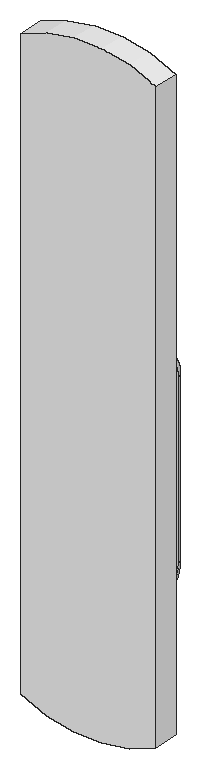
Revit family "M_Extremidade externa", category Portas, Revit 2019
Family settings
  Com base no plano de trabalho = Não
  Sempre na vertical = Sim
  Corte com vazios quando carregada = Não
  Compartilhado = Não
  Ponto de cálculo do ambiente = Não
Parameters (values of type "Com tranca")
  Largura = 80 mm
  Espessura = 15 mm
  Material = Metal - Aço inoxidável
  Tranca = yes
  Altura = 350 mm
  Construção analítica = "<Nenhum>"
Types (2, lengths in mm): name | Tranca
  Com tranca | yes
  Sem tranca | no
Reference planes
  plane 1 "Centro (Frente/Trás)": y = 0
  plane 2: z = 0
  plane 3 "Centro (Esquerda/Direita)": x = 0
  plane 4: z = -175
  plane 5: z = 175
  plane 6: x = 40
  plane 7: x = -40
  plane 8: z = 98.8
  plane 9: y = -6.35
  plane 10: y = 8.467
  plane 11: y = 15
  plane 12: y = 23.731
Forms (mm)
  Extrusion 1, solid, material "Metal - Aço inoxidável" <- "Material"
    sketch origin (0, 0, 0) x (1, 0, 0) y (0, 0, 1)
      loop
        line (40, -175) -> (40, 175)
        arc (40, 175) -> (0, 184.362) -> (-40, 175) r 90.129
        line (-40, 175) -> (-40, -175)
        arc (-40, -175) -> (0, -184.362) -> (40, -175) r 90.129
    from -15 to 0
  Extrusion 2, solid, material "Metal - Aço inoxidável" <- "Material", visible <- "Tranca"
    sketch origin (0, 0, 0) x (1, 0, 0) y (0, 0, 1)
      loop
        circle (0, 98.8) r 19
    from -23.731 to -15
  Sweep 3, solid, material "Metal - Aço inoxidável" <- "Material"
    path origin (0, 2.3, 0) x (0, 1, 0) y (0, 0, 1)
      loop
        line (12.7, 0) -> (38.1, 0)
        arc (38.1, 0) -> (47.08, -3.72) -> (50.8, -12.7) r 12.7
        line (50.8, -12.7) -> (50.8, -111.5)
        arc (50.8, -111.5) -> (47.08, -120.48) -> (38.1, -124.2) r 12.7
        line (38.1, -124.2) -> (12.7, -124.2)
    profile origin (0, 27.7, 0) x (0, 0, 1) y (1, 0, 0)
      loop
        line (-1.191, -10) -> (1.191, -10)
        arc (1.191, -10) -> (3.716, -8.954) -> (4.763, -6.428) r 3.572
        line (4.763, -6.428) -> (4.763, 6.428)
        arc (4.763, 6.428) -> (3.716, 8.954) -> (1.191, 10) r 3.572
        line (1.191, 10) -> (-1.191, 10)
        arc (-1.191, 10) -> (-3.716, 8.954) -> (-4.763, 6.428) r 3.572
        line (-4.763, 6.428) -> (-4.763, -6.428)
        arc (-4.763, -6.428) -> (-3.716, -8.954) -> (-1.191, -10) r 3.572
Dimensions and locks
  equal spacing: plane 4, plane 2, plane 5
  "Altura": plane 4 to plane 5
  equal spacing: plane 7, plane 3 "Centro (Esquerda/Direita)", plane 6
  "Largura": plane 7 to plane 6
  plane 8 to plane 5 = 76.2 mm
  plane 1 "Centro (Frente/Trás)" to plane 9 = 6.35 mm
  "Espessura": plane 11 to plane 1 "Centro (Frente/Trás)"
  locked: plane 12 to plane 11 at 8.731
  aligned and locked: plane 2 to level
  aligned and locked: Extrusion 1 sketch curve to plane 6
  aligned and locked: Extrusion 1 sketch curve to plane 7
  aligned and locked: plane 11 to Extrusion 1
  aligned and locked: plane 1 "Centro (Frente/Trás)" to Extrusion 1
  aligned and locked: Extrusion 2 to plane 12
  aligned and locked: Extrusion 2 to plane 11
  aligned and locked: plane 11 to Sweep 3 sketch curve  (x2)
Automatic sketch dimensions
  Extrusion 1 sketch curve to plane 3 "Centro (Esquerda/Direita)" = 0 mm  (x2)
  Extrusion 1 sketch curve to plane 5 = 0 mm
  plane 4 to Extrusion 1 sketch curve = 80.766 mm
  plane 5 to Extrusion 1 sketch curve = 80.766 mm
  Extrusion 1 sketch curve to plane 4 = 0 mm
  Sweep 3 sketch curve to level = 0 mm
  plane 10 to Sweep 3 sketch curve = 31.933 mm  (x2)
  Sweep 3 sketch curve to Sweep 3 sketch curve = 12.7 mm
  plane 4 to Sweep 3 sketch curve = 63.5 mm
  profile plane to Sweep 3 sketch curve = 4.763 mm
  profile plane to Sweep 3 sketch curve = 1.191 mm  (x2)
  Sweep 3 sketch curve to profile plane = 1.191 mm  (x2)
  Sweep 3 sketch curve to Sweep 3 sketch curve = 3.572 mm
  Sweep 3 sketch curve to plane 3 "Centro (Esquerda/Direita)" = 10 mm
  plane 3 "Centro (Esquerda/Direita)" to Sweep 3 sketch curve = 6.428 mm
  Extrusion 2 sketch curve to plane 3 "Centro (Esquerda/Direita)" = 0 mm
  Extrusion 2 sketch curve to plane 8 = 0 mm
  radius of Extrusion 2 sketch curve = 19 mm
